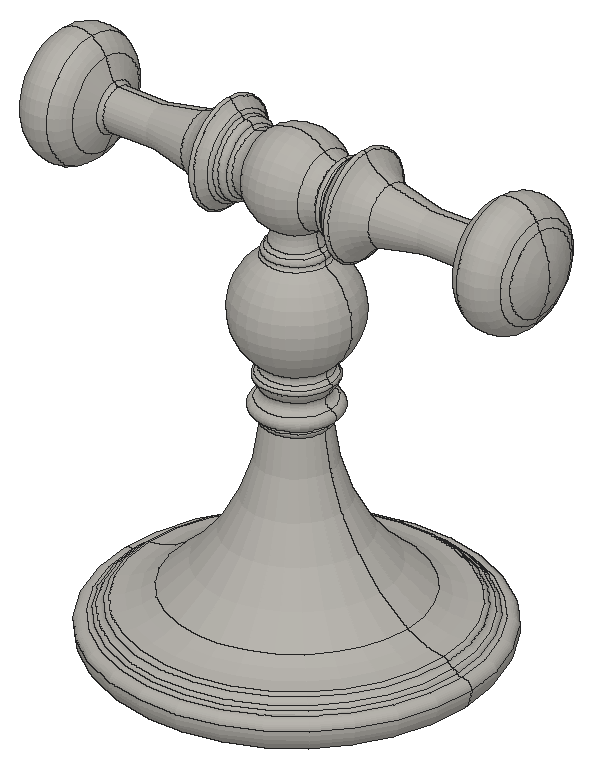
Revit family "Accessory-Robe_Hook-KOHLER-Decorative-K-26525_1", category Specialty Equipment, host Face, Revit 2021
Family settings
  Host = Face
  Round Connector Dimension = Use Diameter
  Part Type = Normal
  OmniClass Number = 23.31.25.27
  OmniClass Title = Robe Hooks
  Cut with Voids When Loaded = No
  Shared = No
  Room Calculation Point = No
Parameters (values of type "BN-Vibrant Brushed Nickel")
  Width = 3 13/32"  # constant formula
  WaterSense Certified = 1 = 0  # no
  URL = "https://www.us.kohler.com/us/"
  Type = 1
  Product Page URL = "http://www.us.kohler.com/us/catalog/productDetails.jsp?productId=26525"
  Product Name = "Decorative"  # constant formula
  Product Documentation Link = "https://www.us.kohler.com/webassets/kpna/catalog/pdf/en/K-26525_spec_US-CA_Kohler_en.pdf"
  Model = if(Type = 1, "K-26525-BN", if(Type = 2, "K-26525-2BZ", if(Type = 3, "K-26525-CP", if(Type = 4, "K-26525-2MB", "NA"))))  # "K-26525-BN"
  Material = "Premium Metal Construction"  # constant formula
  Master Format 2014 Name = "Toilet, Bath, and Laundry Accessories"  # constant formula
  Master Format 2014 = "10 28 00"  # constant formula
  Manufacturer Address = "444 Highland Dr, Kohler, WI 53044"  # constant formula
  Manufacturer = "Kohler Co."  # constant formula
  Length = 3 37/64"  # constant formula
  Height = 2 123/256"  # constant formula
  Finish = Kohler-Metal-BN-Vibrant_Brushed_Nickel
  Environmental Product Declaration = ""
  Description = "Double robe hook"  # constant formula
  Default Elevation = 42"
  Declare Label = ""
  Date Modified = "11/22/2022"  # constant formula
  Date Created = "11/22/2022"  # constant formula
  Copyright = "Copyright Kohler Co."  # constant formula
  Contact Us = "https://www.us.kohler.com/us/static/contact.jsp"
  Assembly Code = "C1030200"
  ADA Compliant = 1 = 0  # no
Types (5): name | Type | Model | Finish
  (no name) | 1 | "K-26525-BN" | Kohler-Metal-BN-Vibrant_Brushed_Nickel
  BN-Vibrant Brushed Nickel | 1 | "K-26525-BN" | Kohler-Metal-BN-Vibrant_Brushed_Nickel
  2BZ-Oil Rubbed Bronze | 2 | "K-26525-2BZ" | Kohler-Metal-2BZ-Oil_Rubbed_Bronze
  CP-Polished Chrome | 3 | "K-26525-CP" | Kohler-Metal-CP-Polished_Chrome
  2MB-Vibrant Brushed Moderne Brass | 4 | "K-26525-2MB" | Kohler-Metal-2MB-Vibrant_Brushed_Moderne_Brass
Reference planes (in)
  plane 1 "Center (Front/Back)": y = 0
  plane 2: z = 0
  plane 3 "Center (Left/Right)": x = 0
  plane 4: z = 3.40625
  plane 5: x = 1.78937
  plane 6: x = -1.78875
  plane 7: x = -1.24016
  plane 8: x = 1.24016
  plane 9: z = 1.70276
  plane 10: x = 1.24016
  plane 11: y = -0.41732
  plane 12: y = 0.41732
  plane 13: y = 1.24016
  plane 14: y = -1.24031
  plane 15: z = 2.98625
  plane 16: z = 2.56626
Dimensions and locks (in)
  "Width": level to plane 4
  "Length": plane 6 to plane 5
  plane 12 to plane 11 = 0.83465"
  plane 6 to plane 5 = 3 37/64"
  plane 4 to level = 3 13/32"
  "Height": plane 13 to plane 14
  aligned and locked: plane 2 to host face
  aligned and locked: level to host face
  aligned and locked: plane 3 "Center (Left/Right)" to nested 1
  aligned and locked: plane 1 "Center (Front/Back)" to nested 1
Automatic sketch dimensions
  host sketch curve to host sketch curve = 96"  (x2)
Nested families (in)
  nested 1: "K-26525" at (0, 0, 0), type "K-26525"
Definition of nested family "K-26525"
  Parameters (values of type "K-26525")
    Material = none
    Default Elevation = 0"
  Reference planes (in)
    plane 1 "Center (Front/Back)": y = 0
    plane 2: z = 0
    plane 3 "Center (Left/Right)": x = 0
    plane 4: x = 1.24016
    plane 5: x = -1.24016
    plane 6: z = 1.70276
    plane 7: z = 3.40551
    plane 8: x = 1.78937
    plane 9: x = -1.78937
    plane 10: y = 0.41732
    plane 11: y = -0.41732
    plane 12: y = 0
    plane 13: y = -1.24016
    plane 14: y = 1.24016
  Forms (in)
    Revolve 1, solid, material <- "Material", detail levels medium+fine
      sketch origin (0, 0, 0) x (1, 0, 0) y (0, 0, 1)
        loop
          line (0.00231, 0) -> (1.06292, 0)
          arc (1.06292, 0) -> (1.18715, 0.05241) -> (1.23629, 0.17797) r 0.17342
          arc (1.23629, 0.17797) -> (1.21281, 0.2244) -> (1.16202, 0.2357) r 0.06083
          arc (1.16202, 0.2357) -> (1.14467, 0.23807) -> (1.13316, 0.25128) r 0.02493
          arc (1.13316, 0.25128) -> (1.12371, 0.26466) -> (1.1089, 0.27168) r 0.03225
          arc (1.1089, 0.27168) -> (1.08495, 0.28228) -> (1.06825, 0.30245) r 0.05713
          arc (1.06825, 0.30245) -> (1.05683, 0.31546) -> (1.04047, 0.32107) r 0.03363
          arc (1.04047, 0.32107) -> (0.9072, 0.34926) -> (0.78673, 0.41285) r 0.49301
          arc (0.78673, 0.41285) -> (0.37879, 0.87142) -> (0.2044, 1.45989) r 1.40956
          arc (0.2044, 1.45989) -> (0.21573, 1.4706) -> (0.21731, 1.48611) r 0.02236
          arc (0.21731, 1.48611) -> (0.22117, 1.50948) -> (0.24112, 1.52226) r 0.02914
          arc (0.24112, 1.52226) -> (0.27908, 1.56388) -> (0.24275, 1.60695) r 0.04272
          arc (0.24275, 1.60695) -> (0.20629, 1.63616) -> (0.21353, 1.68231) r 0.04657
          arc (0.21353, 1.68231) -> (0.23461, 1.71275) -> (0.2509, 1.74599) r 0.24672
          arc (0.2509, 1.74599) -> (0.25105, 1.76125) -> (0.24084, 1.7726) r 0.02105
          arc (0.24084, 1.7726) -> (0.22711, 1.78244) -> (0.21702, 1.79599) r 0.0549
          arc (0.21702, 1.79599) -> (0.21296, 1.82755) -> (0.23061, 1.85402) r 0.04542
          arc (0.23061, 1.85402) -> (0.39429, 2.18591) -> (0.21134, 2.50757) r 0.39488
          arc (0.21134, 2.50757) -> (0.20173, 2.51969) -> (0.20172, 2.53516) r 0.02355
          arc (0.20172, 2.53516) -> (0.20116, 2.55716) -> (0.18627, 2.57338) r 0.03135
          arc (0.18627, 2.57338) -> (0.173, 2.58331) -> (0.16387, 2.59715) r 0.04819
          arc (0.16387, 2.59715) -> (0.15069, 2.70628) -> (0.19945, 2.8048) r 0.1923
          line (0.19945, 2.8048) -> (0.00231, 2.8048) -> (0.00231, 0)
        axis (0.00231, 2.8048) -> (0.00231, 0)
      angle from 0 to 360
    Revolve 2, solid, material <- "Material", detail levels medium+fine
      sketch origin (0, 0, 0) x (1, 0, 0) y (0, 0, 1)
        loop
          arc (-0.46135, 2.65179) -> (-0.43529, 2.6824) -> (-0.40296, 2.7063) r 0.17611
          arc (-0.40296, 2.7063) -> (-0.39086, 2.71687) -> (-0.38368, 2.73124) r 0.04143
          arc (-0.38368, 2.73124) -> (-0.37404, 2.74263) -> (-0.35912, 2.74261) r 0.01772
          arc (-0.35912, 2.74261) -> (-0.33139, 2.74316) -> (-0.31482, 2.7654) r 0.03153
          arc (-0.31482, 2.7654) -> (-0.30646, 2.77907) -> (-0.29112, 2.78369) r 0.02247
          arc (-0.29112, 2.78369) -> (-0.24432, 2.77251) -> (-0.20356, 2.74696) r 0.14852
          arc (-0.20356, 2.74696) -> (-0.00079, 2.66962) -> (0.20291, 2.74446) r 0.30949
          arc (0.20291, 2.74446) -> (0.24387, 2.77043) -> (0.29055, 2.78361) r 0.1678
          arc (0.29055, 2.78361) -> (0.30623, 2.77957) -> (0.31475, 2.76581) r 0.02171
          arc (0.31475, 2.76581) -> (0.33121, 2.74326) -> (0.35912, 2.74261) r 0.03153
          arc (0.35912, 2.74261) -> (0.37404, 2.74263) -> (0.38368, 2.73124) r 0.01772
          arc (0.38368, 2.73124) -> (0.39086, 2.71687) -> (0.40296, 2.7063) r 0.04143
          arc (0.40296, 2.7063) -> (0.43529, 2.6824) -> (0.46135, 2.65179) r 0.17611
          arc (0.46135, 2.65179) -> (0.47648, 2.64419) -> (0.49079, 2.65324) r 0.0172
          arc (0.49079, 2.65324) -> (0.56195, 2.74007) -> (0.66069, 2.79349) r 0.291
          arc (0.66069, 2.79349) -> (0.95648, 2.85301) -> (1.25819, 2.85056) r 1.46274
          arc (1.25819, 2.85056) -> (1.27615, 2.84329) -> (1.2877, 2.82773) r 0.03586
          arc (1.2877, 2.82773) -> (1.31547, 2.75966) -> (1.34621, 2.69288) r 1.66246
          arc (1.34621, 2.69288) -> (1.38801, 2.63418) -> (1.44659, 2.59221) r 0.21914
          arc (1.44659, 2.59221) -> (1.58629, 2.58106) -> (1.69577, 2.66856) r 0.19039
          arc (1.69577, 2.66856) -> (1.70952, 2.69325) -> (1.72269, 2.71825) r 1.21564
          arc (1.72269, 2.71825) -> (1.77126, 2.84841) -> (1.78861, 2.98625) r 0.6003
          line (1.78861, 2.98625) -> (-1.78861, 2.98625)
          arc (-1.78861, 2.98625) -> (-1.77126, 2.84841) -> (-1.72269, 2.71825) r 0.6003
          arc (-1.72269, 2.71825) -> (-1.70952, 2.69325) -> (-1.69577, 2.66856) r 1.21564
          arc (-1.69577, 2.66856) -> (-1.58629, 2.58106) -> (-1.44659, 2.59221) r 0.19039
          arc (-1.44659, 2.59221) -> (-1.38801, 2.63418) -> (-1.34621, 2.69288) r 0.21914
          arc (-1.34621, 2.69288) -> (-1.31547, 2.75966) -> (-1.2877, 2.82773) r 1.66246
          arc (-1.2877, 2.82773) -> (-1.27615, 2.84329) -> (-1.25819, 2.85056) r 0.03586
          arc (-1.25819, 2.85056) -> (-0.95648, 2.85301) -> (-0.66069, 2.79349) r 1.46274
          arc (-0.66069, 2.79349) -> (-0.56195, 2.74007) -> (-0.49079, 2.65324) r 0.291
          arc (-0.49079, 2.65324) -> (-0.47648, 2.64419) -> (-0.46135, 2.65179) r 0.0172
        axis (-1.78861, 2.98625) -> (1.78861, 2.98625)
      angle from 0 to 360
    Revolve 3, solid, material <- "Material", detail levels coarse
      sketch origin (0, 0, 0) x (1, 0, 0) y (0, 0, 1)
        loop
          line (0, 3.12735) -> (-0.13488, 3.12735) -> (-0.13488, 2.5368) -> (-0.41035, 2.5368) -> (-0.41035, 1.82847) -> (-0.21355, 1.82847) -> (-0.21355, 1.1117)
          arc (-0.21355, 1.1117) -> (-0.44417, 0.55492) -> (-1.00095, 0.3243) r 0.7874
          line (-1.00095, 0.3243) -> (-1.24016, 0.3243) -> (-1.24016, 0) -> (0, 0) -> (0, 3.12735)
        axis (0, 3.12735) -> (0, 0)
      angle from 0 to 360
    Revolve 4, solid, material <- "Material", detail levels coarse
      sketch origin (0, 0, 0) x (1, 0, 0) y (0, 0, 1)
        loop
          line (-1.78937, 2.98534) -> (0, 2.98534) -> (1.78937, 2.98534) -> (1.78937, 3.40551) -> (1.24016, 3.40551) -> (1.24016, 3.11777) -> (0.47035, 3.11777) -> (0.47035, 3.33844) -> (0, 3.33844) -> (-0.47035, 3.33844) -> (-0.47035, 3.11777) -> (-1.24016, 3.11777) -> (-1.24016, 3.40551) -> (-1.78937, 3.40551) -> (-1.78937, 2.98534)
        axis (1.78937, 2.98534) -> (-1.78937, 2.98534)
      angle from 0 to 360
  Lines and regions (in)
    Masking region 1
      outline origin (0, 0, 0) x (1, 0, 0) y (0, 0, 1)
        loop
          line (0, 0) -> (1.06292, 0)
          arc (1.06292, 0) -> (1.18715, 0.05241) -> (1.23629, 0.17797) r 0.17342
          arc (1.23629, 0.17797) -> (1.21281, 0.2244) -> (1.16202, 0.2357) r 0.06083
          arc (1.16202, 0.2357) -> (1.14467, 0.23807) -> (1.13316, 0.25128) r 0.02493
          arc (1.13316, 0.25128) -> (1.12371, 0.26466) -> (1.1089, 0.27168) r 0.03225
          arc (1.1089, 0.27168) -> (1.08466, 0.2825) -> (1.06793, 0.30311) r 0.05713
          arc (1.06793, 0.30311) -> (1.05681, 0.31585) -> (1.04072, 0.32105) r 0.03168
          arc (1.04072, 0.32105) -> (0.90713, 0.34664) -> (0.78666, 0.40979) r 0.465
          arc (0.78666, 0.40979) -> (0.37873, 0.87146) -> (0.20338, 1.46205) r 1.42732
          arc (0.20338, 1.46205) -> (0.216, 1.47496) -> (0.21799, 1.49291) r 0.02772
          arc (0.21799, 1.49291) -> (0.22191, 1.51213) -> (0.23888, 1.52197) r 0.02395
          arc (0.23888, 1.52197) -> (0.2696, 1.53784) -> (0.28136, 1.57036) r 0.04739
          arc (0.28136, 1.57036) -> (0.27138, 1.5946) -> (0.24781, 1.60606) r 0.03681
          arc (0.24781, 1.60606) -> (0.20773, 1.63349) -> (0.21035, 1.68199) r 0.04955
          arc (0.21035, 1.68199) -> (0.22814, 1.70945) -> (0.2464, 1.73659) r 1.87599
          arc (0.2464, 1.73659) -> (0.25042, 1.75901) -> (0.2363, 1.77686) r 0.02771
          arc (0.2363, 1.77686) -> (0.21189, 1.81386) -> (0.23061, 1.85402) r 0.04542
          arc (0.23061, 1.85402) -> (0.39429, 2.18591) -> (0.21134, 2.50757) r 0.39488
          arc (0.21134, 2.50757) -> (0.20173, 2.51969) -> (0.20172, 2.53516) r 0.02355
          arc (0.20172, 2.53516) -> (0.20116, 2.55716) -> (0.18627, 2.57338) r 0.03135
          arc (0.18627, 2.57338) -> (0.173, 2.58331) -> (0.16387, 2.59715) r 0.04819
          arc (0.16387, 2.59715) -> (0.15288, 2.63898) -> (0.155, 2.68219) r 0.14187
          arc (0.155, 2.68219) -> (0.17227, 2.72034) -> (0.2043, 2.74733) r 0.09476
          arc (0.2043, 2.74733) -> (0.25272, 2.77216) -> (0.30649, 2.78053) r 0.17106
          arc (0.30649, 2.78053) -> (0.31214, 2.75512) -> (0.33409, 2.74111) r 0.03407
          arc (0.33409, 2.74111) -> (0.35183, 2.73967) -> (0.36952, 2.7416) r 0.09406
          arc (0.36952, 2.7416) -> (0.38062, 2.72318) -> (0.39761, 2.71) r 0.05867
          arc (0.39761, 2.71) -> (0.44462, 2.6736) -> (0.47545, 2.62276) r 0.16301
          arc (0.47545, 2.62276) -> (0.56902, 2.74164) -> (0.70604, 2.80578) r 0.32757
          arc (0.70604, 2.80578) -> (0.97004, 2.84528) -> (1.23682, 2.85481) r 2.36884
          arc (1.23682, 2.85481) -> (1.26777, 2.84414) -> (1.28668, 2.81742) r 0.05342
          spline (1.28668, 2.81742) -> (1.35747, 2.66849) -> (1.46247, 2.58351) -> (1.58047, 2.57964) -> (1.68763, 2.65766) -> (1.76229, 2.8018) -> (1.78937, 2.98296) -> (1.7634, 3.16451) -> (1.68962, 3.30979) -> (1.58295, 3.38943) -> (1.46493, 3.38735) -> (1.35941, 3.30397) -> (1.28771, 3.15613)
          arc (1.28771, 3.15613) -> (1.26828, 3.12876) -> (1.23682, 3.1177) r 0.05342
          arc (1.23682, 3.1177) -> (0.97004, 3.12723) -> (0.70604, 3.16672) r 2.36884
          arc (0.70604, 3.16672) -> (0.56902, 3.23087) -> (0.47545, 3.34974) r 0.32757
          arc (0.47545, 3.34974) -> (0.44462, 3.29891) -> (0.39761, 3.26251) r 0.16301
          arc (0.39761, 3.26251) -> (0.38062, 3.24933) -> (0.36952, 3.23091) r 0.05867
          arc (0.36952, 3.23091) -> (0.35183, 3.23284) -> (0.33409, 3.2314) r 0.09406
          arc (0.33409, 3.2314) -> (0.31214, 3.21739) -> (0.30649, 3.19198) r 0.03407
          arc (0.30649, 3.19198) -> (0.256, 3.19831) -> (0.21137, 3.22278) r 0.13591
          arc (0.21137, 3.22278) -> (0.11231, 3.27943) -> (0, 3.29974) r 0.33667
          arc (0, 3.29974) -> (-0.11231, 3.27943) -> (-0.21137, 3.22278) r 0.33667
          arc (-0.21137, 3.22278) -> (-0.256, 3.19831) -> (-0.30649, 3.19198) r 0.13591
          arc (-0.30649, 3.19198) -> (-0.31214, 3.21739) -> (-0.33409, 3.2314) r 0.03407
          arc (-0.33409, 3.2314) -> (-0.35183, 3.23284) -> (-0.36952, 3.23091) r 0.09406
          arc (-0.36952, 3.23091) -> (-0.38062, 3.24933) -> (-0.39761, 3.26251) r 0.05867
          arc (-0.39761, 3.26251) -> (-0.44462, 3.29891) -> (-0.47545, 3.34974) r 0.16301
          arc (-0.47545, 3.34974) -> (-0.56902, 3.23087) -> (-0.70604, 3.16672) r 0.32757
          arc (-0.70604, 3.16672) -> (-0.97053, 3.12719) -> (-1.23779, 3.11772) r 2.36884
          arc (-1.23779, 3.11772) -> (-1.26852, 3.12854) -> (-1.28682, 3.1555) r 0.05214
          spline (-1.28682, 3.1555) -> (-1.3586, 3.30396) -> (-1.46444, 3.38761) -> (-1.58282, 3.38944) -> (-1.68968, 3.30908) -> (-1.76329, 3.16287) -> (-1.7887, 2.98054) -> (-1.76073, 2.79913) -> (-1.68507, 2.65554) -> (-1.5771, 2.57896) -> (-1.45878, 2.58494) -> (-1.35414, 2.67228) -> (-1.28448, 2.82322)
          arc (-1.28448, 2.82322) -> (-1.26523, 2.84593) -> (-1.23682, 2.85481) r 0.05342
          arc (-1.23682, 2.85481) -> (-0.97004, 2.84528) -> (-0.70604, 2.80578) r 2.36884
          arc (-0.70604, 2.80578) -> (-0.56902, 2.74164) -> (-0.47545, 2.62276) r 0.32757
          arc (-0.47545, 2.62276) -> (-0.44462, 2.6736) -> (-0.39761, 2.71) r 0.16301
          arc (-0.39761, 2.71) -> (-0.38062, 2.72318) -> (-0.36952, 2.7416) r 0.05867
          arc (-0.36952, 2.7416) -> (-0.35183, 2.73967) -> (-0.33409, 2.74111) r 0.09406
          arc (-0.33409, 2.74111) -> (-0.31214, 2.75512) -> (-0.30649, 2.78053) r 0.03407
          arc (-0.30649, 2.78053) -> (-0.25272, 2.77216) -> (-0.2043, 2.74733) r 0.17106
          arc (-0.2043, 2.74733) -> (-0.17227, 2.72034) -> (-0.155, 2.68219) r 0.09476
          arc (-0.155, 2.68219) -> (-0.15288, 2.63898) -> (-0.16387, 2.59715) r 0.14187
          arc (-0.16387, 2.59715) -> (-0.173, 2.58331) -> (-0.18627, 2.57338) r 0.04819
          arc (-0.18627, 2.57338) -> (-0.20116, 2.55716) -> (-0.20172, 2.53516) r 0.03135
          arc (-0.20172, 2.53516) -> (-0.20173, 2.51969) -> (-0.21134, 2.50757) r 0.02355
          arc (-0.21134, 2.50757) -> (-0.39429, 2.18591) -> (-0.23061, 1.85402) r 0.39488
          arc (-0.23061, 1.85402) -> (-0.21189, 1.81386) -> (-0.2363, 1.77686) r 0.04542
          arc (-0.2363, 1.77686) -> (-0.25042, 1.75901) -> (-0.2464, 1.73659) r 0.02771
          arc (-0.2464, 1.73659) -> (-0.22814, 1.70945) -> (-0.21035, 1.68199) r 1.87599
          arc (-0.21035, 1.68199) -> (-0.20773, 1.63349) -> (-0.24781, 1.60606) r 0.04955
          arc (-0.24781, 1.60606) -> (-0.27138, 1.5946) -> (-0.28136, 1.57036) r 0.03681
          arc (-0.28136, 1.57036) -> (-0.2696, 1.53784) -> (-0.23888, 1.52197) r 0.04739
          arc (-0.23888, 1.52197) -> (-0.22191, 1.51213) -> (-0.21799, 1.49291) r 0.02395
          arc (-0.21799, 1.49291) -> (-0.216, 1.47496) -> (-0.20338, 1.46205) r 0.02772
          arc (-0.20338, 1.46205) -> (-0.37873, 0.87146) -> (-0.78666, 0.40979) r 1.42732
          arc (-0.78666, 0.40979) -> (-0.90713, 0.34664) -> (-1.04072, 0.32105) r 0.465
          arc (-1.04072, 0.32105) -> (-1.05681, 0.31585) -> (-1.06793, 0.30311) r 0.03168
          arc (-1.06793, 0.30311) -> (-1.08466, 0.2825) -> (-1.1089, 0.27168) r 0.05713
          arc (-1.1089, 0.27168) -> (-1.12371, 0.26466) -> (-1.13316, 0.25128) r 0.03225
          arc (-1.13316, 0.25128) -> (-1.14467, 0.23807) -> (-1.16202, 0.2357) r 0.02493
          arc (-1.16202, 0.2357) -> (-1.21281, 0.2244) -> (-1.23629, 0.17797) r 0.06083
          arc (-1.23629, 0.17797) -> (-1.18715, 0.05241) -> (-1.06292, 0) r 0.17342
          line (-1.06292, 0) -> (0, 0)
    Masking region 2
      outline origin (0, 0, 0) x (0, 1, 0) y (0, 0, 1)
        loop
          line (0, 0) -> (1.03551, 0)
          arc (1.03551, 0) -> (1.16278, 0.04432) -> (1.235, 0.15811) r 0.20491
          arc (1.235, 0.15811) -> (1.22179, 0.21436) -> (1.16899, 0.23782) r 0.06494
          arc (1.16899, 0.23782) -> (1.14555, 0.24301) -> (1.1278, 0.25916) r 0.0466
          arc (1.1278, 0.25916) -> (1.11551, 0.27058) -> (1.09925, 0.27471) r 0.03388
          arc (1.09925, 0.27471) -> (1.08287, 0.27987) -> (1.07245, 0.29353) r 0.0284
          arc (1.07245, 0.29353) -> (1.0621, 0.30987) -> (1.04576, 0.32023) r 0.04417
          arc (1.04576, 0.32023) -> (0.92283, 0.34178) -> (0.81071, 0.3966) r 0.44542
          arc (0.81071, 0.3966) -> (0.38799, 0.85001) -> (0.20473, 1.4422) r 1.38844
          arc (0.20473, 1.4422) -> (0.20763, 1.4589) -> (0.21808, 1.47224) r 0.03471
          line (0.21808, 1.47224) -> (0.21808, 1.50336)
          arc (0.21808, 1.50336) -> (0.2241, 1.51835) -> (0.23882, 1.52501) r 0.02167
          arc (0.23882, 1.52501) -> (0.26961, 1.53938) -> (0.28116, 1.57133) r 0.0443
          arc (0.28116, 1.57133) -> (0.26775, 1.59797) -> (0.23895, 1.60576) r 0.03658
          arc (0.23895, 1.60576) -> (0.22909, 1.62087) -> (0.21167, 1.62558) r 0.02535
          arc (0.21167, 1.62558) -> (0.20362, 1.66037) -> (0.21759, 1.69323) r 0.0577
          arc (0.21759, 1.69323) -> (0.23795, 1.72135) -> (0.25298, 1.75266) r 0.19407
          arc (0.25298, 1.75266) -> (0.25104, 1.76745) -> (0.2377, 1.77412) r 0.0159
          arc (0.2377, 1.77412) -> (0.21414, 1.812) -> (0.23313, 1.85236) r 0.04668
          arc (0.23313, 1.85236) -> (0.3945, 2.19786) -> (0.19042, 2.51998) r 0.39707
          arc (0.19042, 2.51998) -> (0.20216, 2.55543) -> (0.17384, 2.57977) r 0.03354
          arc (0.17384, 2.57977) -> (0.16196, 2.59135) -> (0.17006, 2.60583) r 0.01364
          arc (0.17006, 2.60583) -> (0.41261, 3.07533) -> (0, 3.40551) r 0.41693
          arc (0, 3.40551) -> (-0.41261, 3.07533) -> (-0.17006, 2.60583) r 0.41693
          arc (-0.17006, 2.60583) -> (-0.16196, 2.59135) -> (-0.17384, 2.57977) r 0.01364
          arc (-0.17384, 2.57977) -> (-0.20216, 2.55543) -> (-0.19042, 2.51998) r 0.03354
          arc (-0.19042, 2.51998) -> (-0.3945, 2.19786) -> (-0.23313, 1.85236) r 0.39707
          arc (-0.23313, 1.85236) -> (-0.21414, 1.812) -> (-0.2377, 1.77412) r 0.04668
          arc (-0.2377, 1.77412) -> (-0.25104, 1.76745) -> (-0.25298, 1.75266) r 0.0159
          arc (-0.25298, 1.75266) -> (-0.23795, 1.72135) -> (-0.21759, 1.69323) r 0.19407
          arc (-0.21759, 1.69323) -> (-0.20362, 1.66037) -> (-0.21167, 1.62558) r 0.0577
          arc (-0.21167, 1.62558) -> (-0.22909, 1.62087) -> (-0.23895, 1.60576) r 0.02535
          arc (-0.23895, 1.60576) -> (-0.26775, 1.59797) -> (-0.28116, 1.57133) r 0.03658
          arc (-0.28116, 1.57133) -> (-0.26961, 1.53938) -> (-0.23882, 1.52501) r 0.0443
          arc (-0.23882, 1.52501) -> (-0.2241, 1.51835) -> (-0.21808, 1.50336) r 0.02167
          line (-0.21808, 1.50336) -> (-0.21808, 1.47224)
          arc (-0.21808, 1.47224) -> (-0.20763, 1.4589) -> (-0.20473, 1.4422) r 0.03471
          arc (-0.20473, 1.4422) -> (-0.38799, 0.85001) -> (-0.81071, 0.3966) r 1.38844
          arc (-0.81071, 0.3966) -> (-0.92283, 0.34178) -> (-1.04576, 0.32023) r 0.44542
          arc (-1.04576, 0.32023) -> (-1.0621, 0.30987) -> (-1.07245, 0.29353) r 0.04417
          arc (-1.07245, 0.29353) -> (-1.08287, 0.27987) -> (-1.09925, 0.27471) r 0.0284
          arc (-1.09925, 0.27471) -> (-1.11551, 0.27058) -> (-1.1278, 0.25916) r 0.03388
          arc (-1.1278, 0.25916) -> (-1.14555, 0.24301) -> (-1.16899, 0.23782) r 0.0466
          arc (-1.16899, 0.23782) -> (-1.22179, 0.21436) -> (-1.235, 0.15811) r 0.06494
          arc (-1.235, 0.15811) -> (-1.16278, 0.04432) -> (-1.03551, 0) r 0.20491
          line (-1.03551, 0) -> (0, 0)
    Masking region 3
      outline origin (0, 0, 0) x (1, 0, 0) y (0, 1, 0)
        loop
          arc (-1.28805, -0.1653) -> (-1.26715, -0.13782) -> (-1.23312, -0.13196) r 0.04713
          arc (-1.23312, -0.13196) -> (0, -1.24016) -> (1.23312, -0.13196) r 1.24016
          arc (1.23312, -0.13196) -> (1.26715, -0.13782) -> (1.28805, -0.1653) r 0.04713
          spline (1.28805, -0.1653) -> (1.3185, -0.2478) -> (1.35922, -0.31722) -> (1.4082, -0.37017) -> (1.46305, -0.40404) -> (1.52109, -0.41718) -> (1.57945, -0.40894) -> (1.63528, -0.37973) -> (1.68584, -0.33098) -> (1.72865, -0.26507) -> (1.76161, -0.18525) -> (1.78311, -0.09542) -> (1.79209, 0)
          spline (1.79209, 0) -> (1.78311, 0.09542) -> (1.76161, 0.18525) -> (1.72865, 0.26507) -> (1.68584, 0.33098) -> (1.63528, 0.37973) -> (1.57945, 0.40894) -> (1.52109, 0.41718) -> (1.46305, 0.40404) -> (1.4082, 0.37017) -> (1.35922, 0.31722) -> (1.3185, 0.2478) -> (1.28805, 0.1653)
          arc (1.28805, 0.1653) -> (1.26715, 0.13782) -> (1.23312, 0.13196) r 0.04713
          arc (1.23312, 0.13196) -> (0, 1.24016) -> (-1.23312, 0.13196) r 1.24016
          arc (-1.23312, 0.13196) -> (-1.26715, 0.13782) -> (-1.28805, 0.1653) r 0.04713
          spline (-1.28805, 0.1653) -> (-1.3185, 0.2478) -> (-1.35922, 0.31722) -> (-1.4082, 0.37017) -> (-1.46305, 0.40404) -> (-1.52109, 0.41718) -> (-1.57945, 0.40894) -> (-1.63528, 0.37973) -> (-1.68584, 0.33098) -> (-1.72865, 0.26507) -> (-1.76161, 0.18525) -> (-1.78311, 0.09542) -> (-1.79209, 0)
          spline (-1.79209, 0) -> (-1.78311, -0.09542) -> (-1.76161, -0.18525) -> (-1.72865, -0.26507) -> (-1.68584, -0.33098) -> (-1.63528, -0.37973) -> (-1.57945, -0.40894) -> (-1.52109, -0.41718) -> (-1.46305, -0.40404) -> (-1.4082, -0.37017) -> (-1.35922, -0.31722) -> (-1.3185, -0.2478) -> (-1.28805, -0.1653)
    symbolic lines, detail levels medium+fine
      curve 1: line (-1.21617, 0, 3.11785) -> (-1.21617, 0, 2.85465)
      curve 2: line (-1.28792, 0, 3.15897) -> (-1.28792, 0, 2.81172)
      curve 3: line (-0.48201, 0, 3.33697) -> (-0.48201, 0, 2.63554)
      curve 4: line (-0.47035, 0, 3.33844) -> (-0.47035, 0, 2.63406)
      curve 5: line (-0.39205, 0, 3.25872) -> (-0.39205, 0, 2.71379)
      curve 6: line (-0.37074, 0, 3.23324) -> (-0.37074, 0, 2.73927)
      curve 7: line (-0.31108, 0, 3.21535) -> (-0.31108, 0, 2.75716)
      curve 8: line (-0.3074, 0, 3.20667) -> (-0.3074, 0, 2.76584)
      curve 9: line (-0.18574, 0, 3.24171) -> (-0.18574, 0, 2.72945)
      curve 10: line (1.21617, 0, 3.11785) -> (1.21617, 0, 2.85465)
      curve 11: line (1.28792, 0, 3.15897) -> (1.28792, 0, 2.81172)
      curve 12: line (0.48201, 0, 3.33697) -> (0.48201, 0, 2.63554)
      curve 13: line (0.47035, 0, 3.33844) -> (0.47035, 0, 2.63406)
      curve 14: line (0.39205, 0, 3.25872) -> (0.39205, 0, 2.71379)
      curve 15: line (0.37074, 0, 3.23324) -> (0.37074, 0, 2.73927)
      curve 16: line (0.31108, 0, 3.21535) -> (0.31108, 0, 2.75716)
      curve 17: line (0.3074, 0, 3.20667) -> (0.3074, 0, 2.76584)
      curve 18: line (0.18574, 0, 3.24171) -> (0.18574, 0, 2.72945)
      curve 19: line (-1.23628, 0, 0.17804) -> (1.23628, 0, 0.17804)
      curve 20: line (-1.23463, 0, 0.18875) -> (1.23463, 0, 0.18875)
      curve 21: line (-1.18961, 0, 0.23526) -> (1.1548, 0, 0.23526)
      curve 22: line (-1.13393, 0, 0.24979) -> (1.13393, 0, 0.24979)
      curve 23: line (-1.09563, 0, 0.27597) -> (1.09563, 0, 0.27597)
      curve 24: line (-1.06165, 0, 0.31166) -> (1.06165, 0, 0.31166)
      curve 25: line (-1.0055, 0, 0.3243) -> (1.0055, 0, 0.3243)
      curve 26: line (-0.20338, 0, 1.46205) -> (0.20338, 0, 1.46205)
      curve 27: line (-0.21355, 0, 1.47099) -> (0.21355, 0, 1.47099)
      curve 28: line (0.22032, 0, 1.50954) -> (-0.22032, 0, 1.50954)
      curve 29: line (0.22764, 0, 1.5177) -> (-0.22764, 0, 1.5177)
      curve 30: line (-0.25764, 0, 1.60366) -> (0.25764, 0, 1.60366)
      curve 31: line (-0.23567, 0, 1.60872) -> (0.23566, 0, 1.60872)
      curve 32: line (-0.21511, 0, 1.62262) -> (0.21511, 0, 1.62262)
      curve 33: line (0.2135, 0, 1.82847) -> (-0.2135, 0, 1.82847)
      curve 34: line (-0.21806, 0, 1.83961) -> (0.21806, 0, 1.83961)
      curve 35: line (-0.20255, 0, 2.51799) -> (0.20255, 0, 2.51799)
      curve 36: line (-0.20239, 0, 2.53823) -> (0.20239, 0, 2.53823)
      curve 37: line (-0.2032, 0, 2.54672) -> (0.2032, 0, 2.54672)
      curve 38: line (-0.18494, 0, 2.57426) -> (0.18494, 0, 2.57426)
      curve 39: line (-0.17194, 0, 2.5849) -> (0.17194, 0, 2.5849)
      curve 40: line (-0.18574, 0, 2.72945) -> (0.18574, 0, 2.72945)
      curve 41: line (0, 1.23613, 0.17801) -> (0, -1.23613, 0.17801)
      curve 42: line (0, 1.23465, 0.18874) -> (0, -1.23465, 0.18874)
      curve 43: line (0, 1.17749, 0.23721) -> (0, -1.1775, 0.23721)
      curve 44: line (0, 1.12714, 0.25996) -> (0, -1.12714, 0.25996)
      curve 45: line (0, 1.09159, 0.27583) -> (0, -1.09159, 0.27583)
      curve 46: line (0, 1.05989, 0.31165) -> (0, -1.05989, 0.31165)
      curve 47: line (0, 0.99996, 0.3243) -> (0, -0.99996, 0.3243)
      curve 48: line (0, 0.20952, 1.46205) -> (0, -0.20952, 1.46205)
      curve 49: line (0, 0.21664, 1.4708) -> (0, -0.21664, 1.4708)
      curve 50: line (0, 0.21906, 1.50952) -> (0, -0.21906, 1.50952)
      curve 51: line (0, 0.22361, 1.51769) -> (0, -0.22362, 1.51769)
      curve 52: line (0, 0.25744, 1.60374) -> (0, -0.25744, 1.60374)
      curve 53: line (0, 0.23785, 1.60893) -> (0, -0.23785, 1.60893)
      curve 54: line (0, 0.20443, 1.66439) -> (0, -0.20443, 1.66439)
      curve 55: line (0, 0.25248, 1.76479) -> (0, -0.25248, 1.76479)
      curve 56: line (0, 0.24801, 1.77058) -> (0, -0.24801, 1.77058)
      curve 57: line (0, 0.21473, 1.82093) -> (0, -0.21473, 1.82093)
      curve 58: line (0, 0.22171, 1.83967) -> (0, -0.22171, 1.83967)
      curve 59: line (0, 0.19365, 2.518) -> (0, -0.19365, 2.518)
      curve 60: line (0, 0.20219, 2.5382) -> (0, -0.20219, 2.5382)
      curve 61: line (0, 0.20329, 2.54676) -> (0, -0.20329, 2.54676)
      curve 62: arc (-1.23479, 0.13164, 0) -> (-0.97729, 0.13183, 0) -> (-0.72367, 0.17636, 0) r 1.48952
      curve 63: arc (-0.46818, 0.34378, 0) -> (-0.43688, 0.30497, 0) -> (-0.39586, 0.27665, 0) r 0.17379
      curve 64: arc (-0.72367, 0.17636, 0) -> (-0.62424, 0.21449, 0) -> (-0.53503, 0.27264, 0) r 0.50421
      curve 65: arc (-0.53503, 0.27264, 0) -> (-0.50587, 0.30373, 0) -> (-0.48597, 0.34143, 0) r 0.15973
      curve 66: arc (-0.48597, 0.34143, 0) -> (-0.47778, 0.34798, 0) -> (-0.46818, 0.34378, 0) r 0.01013
      curve 67: arc (-0.39586, 0.27665, 0) -> (-0.38697, 0.26815, 0) -> (-0.38451, 0.25609, 0) r 0.02061
      curve 68: arc (-0.38451, 0.25609, 0) -> (-0.37911, 0.24405, 0) -> (-0.36598, 0.24268, 0) r 0.01321
      curve 69: arc (-0.36598, 0.24268, 0) -> (-0.33322, 0.24181, 0) -> (-0.31333, 0.21576, 0) r 0.03799
      curve 70: arc (-0.31333, 0.21576, 0) -> (-0.30744, 0.20714, 0) -> (-0.29718, 0.2052, 0) r 0.01364
      curve 71: arc (-0.29718, 0.2052, 0) -> (-0.24587, 0.22023, 0) -> (-0.19755, 0.2431, 0) r 0.3405
      curve 72: arc (-0.19755, 0.2431, 0) -> (-0.10222, 0.28246, 0) -> (0, 0.29618, 0) r 0.40058
      curve 73: arc (-1.23479, -0.13164, 0) -> (-0.97729, -0.13183, 0) -> (-0.72367, -0.17636, 0) r 1.48952
      curve 74: arc (-0.46818, -0.34378, 0) -> (-0.43688, -0.30497, 0) -> (-0.39586, -0.27665, 0) r 0.17379
      curve 75: arc (-0.72367, -0.17636, 0) -> (-0.62424, -0.21449, 0) -> (-0.53503, -0.27264, 0) r 0.50421
      curve 76: arc (-0.53503, -0.27264, 0) -> (-0.50587, -0.30373, 0) -> (-0.48597, -0.34143, 0) r 0.15973
      curve 77: arc (-0.29718, -0.2052, 0) -> (-0.24587, -0.22023, 0) -> (-0.19755, -0.2431, 0) r 0.3405
      curve 78: arc (-0.19755, -0.2431, 0) -> (-0.10222, -0.28246, 0) -> (0, -0.29618, 0) r 0.40058
      curve 79: arc (-0.48597, -0.34143, 0) -> (-0.47778, -0.34798, 0) -> (-0.46818, -0.34378, 0) r 0.01013
      curve 80: arc (-0.39586, -0.27665, 0) -> (-0.38697, -0.26815, 0) -> (-0.38451, -0.25609, 0) r 0.02061
      curve 81: arc (-0.36598, -0.24268, 0) -> (-0.33322, -0.24181, 0) -> (-0.31333, -0.21576, 0) r 0.03799
      curve 82: arc (-0.31333, -0.21576, 0) -> (-0.30744, -0.20714, 0) -> (-0.29718, -0.2052, 0) r 0.01364
      curve 83: arc (-0.38451, -0.25609, 0) -> (-0.37911, -0.24405, 0) -> (-0.36598, -0.24268, 0) r 0.01321
      curve 84: arc (1.23479, 0.13164, 0) -> (0.97729, 0.13183, 0) -> (0.72367, 0.17636, 0) r 1.48952
      curve 85: arc (0.46818, 0.34378, 0) -> (0.43688, 0.30497, 0) -> (0.39586, 0.27665, 0) r 0.17379
      curve 86: arc (0.72367, 0.17636, 0) -> (0.62424, 0.21449, 0) -> (0.53503, 0.27264, 0) r 0.50421
      curve 87: arc (0.53503, 0.27264, 0) -> (0.50587, 0.30373, 0) -> (0.48597, 0.34143, 0) r 0.15973
      curve 88: arc (0.36598, 0.24268, 0) -> (0.33322, 0.24181, 0) -> (0.31333, 0.21576, 0) r 0.03799
      curve 89: arc (0.29718, 0.2052, 0) -> (0.24587, 0.22023, 0) -> (0.19755, 0.2431, 0) r 0.3405
      curve 90: arc (0.19755, 0.2431, 0) -> (0.10222, 0.28246, 0) -> (0, 0.29618, 0) r 0.40058
      curve 91: arc (1.23317, -0.1315, 0) -> (0.97648, -0.1319, 0) -> (0.72367, -0.17636, 0) r 1.48952
      curve 92: arc (0.46818, -0.34378, 0) -> (0.43688, -0.30497, 0) -> (0.39586, -0.27665, 0) r 0.17379
      curve 93: arc (0.72367, -0.17636, 0) -> (0.62424, -0.21449, 0) -> (0.53503, -0.27264, 0) r 0.50421
      curve 94: arc (0.53503, -0.27264, 0) -> (0.50587, -0.30373, 0) -> (0.48597, -0.34143, 0) r 0.15973
      curve 95: arc (0.29718, -0.2052, 0) -> (0.24587, -0.22023, 0) -> (0.19755, -0.2431, 0) r 0.3405
      curve 96: arc (0.19755, -0.2431, 0) -> (0.10222, -0.28246, 0) -> (0, -0.29618, 0) r 0.40058
      curve 97: arc (0.36598, -0.24268, 0) -> (0.33322, -0.24181, 0) -> (0.31333, -0.21576, 0) r 0.03799
      curve 98: arc (0.48597, 0.34143, 0) -> (0.47778, 0.34798, 0) -> (0.46818, 0.34378, 0) r 0.01013
      curve 99: arc (0.31333, 0.21576, 0) -> (0.30744, 0.20714, 0) -> (0.29718, 0.2052, 0) r 0.01364
      curve 100: arc (0.39586, 0.27665, 0) -> (0.38697, 0.26815, 0) -> (0.38451, 0.25609, 0) r 0.02061
      curve 101: arc (0.38451, 0.25609, 0) -> (0.37911, 0.24405, 0) -> (0.36598, 0.24268, 0) r 0.01321
      curve 102: arc (0.48597, -0.34143, 0) -> (0.47778, -0.34798, 0) -> (0.46818, -0.34378, 0) r 0.01013
      curve 103: arc (0.39586, -0.27665, 0) -> (0.38697, -0.26815, 0) -> (0.38451, -0.25609, 0) r 0.02061
      curve 104: arc (0.38451, -0.25609, 0) -> (0.37911, -0.24405, 0) -> (0.36598, -0.24268, 0) r 0.01321
      curve 105: arc (0.31333, -0.21576, 0) -> (0.30744, -0.20714, 0) -> (0.29718, -0.2052, 0) r 0.01364
      curve 106: line (-0.48205, 0.34638, 0) -> (-0.48205, -0.34638, 0)
      curve 107: line (-0.47036, 0.34525, 0) -> (-0.47036, -0.34525, 0)
      curve 108: line (-0.39206, 0.27422, 0) -> (-0.39206, -0.27422, 0)
      curve 109: line (-0.38237, 0.24745, 0) -> (-0.38237, -0.24745, 0)
      curve 110: line (-0.31631, 0.2245, 0) -> (-0.31631, -0.2245, 0)
      curve 111: line (-0.31402, 0.21727, 0) -> (-0.31402, -0.21727, 0)
      curve 112: line (-0.21365, 0.23443, 0) -> (-0.21365, -0.23443, 0)
      curve 113: line (0.48205, 0.34638, 0) -> (0.48205, -0.34638, 0)
      curve 114: line (0.47036, 0.34525, 0) -> (0.47036, -0.34525, 0)
      curve 115: line (0.39206, 0.27422, 0) -> (0.39206, -0.27422, 0)
      curve 116: line (0.38237, 0.24745, 0) -> (0.38237, -0.24745, 0)
      curve 117: line (0.31631, 0.2245, 0) -> (0.31631, -0.2245, 0)
      curve 118: line (0.31402, 0.21727, 0) -> (0.31402, -0.21727, 0)
      curve 119: line (0.21365, 0.23443, 0) -> (0.21365, -0.23443, 0)
      curve 120: arc (0.31971, 0.23021, 0) -> (0.17998, 0.35182, 0) -> (0, 0.39564, 0) r 0.39173
      curve 121: arc (-0.31971, 0.23021, 0) -> (-0.17998, 0.35182, 0) -> (0, 0.39564, 0) r 0.39173
      curve 122: arc (0.31971, -0.23021, 0) -> (0.17998, -0.35182, 0) -> (0, -0.39564, 0) r 0.39173
      curve 123: arc (-0.31971, -0.23021, 0) -> (-0.17998, -0.35182, 0) -> (0, -0.39564, 0) r 0.39173
      curve 124: arc (1.12858, 0.12632, 0) -> (0, 1.13562, 0) -> (-1.12858, 0.12632, 0) r 1.13562
      curve 125: arc (1.09301, 0.12623, 0) -> (0, 1.10028, 0) -> (-1.09301, 0.12623, 0) r 1.10028
      curve 126: arc (1.06423, 0.12678, 0) -> (0, 1.07175, 0) -> (-1.06423, 0.12678, 0) r 1.07175
      curve 127: arc (1.04242, 0.12757, 0) -> (0, 1.05019, 0) -> (-1.04242, 0.12757, 0) r 1.05019
      curve 128: arc (1.05423, 0.1271, 0) -> (0, 1.06186, 0) -> (-1.05423, 0.1271, 0) r 1.06186
      curve 129: arc (1.12858, -0.12632, 0) -> (0, -1.13562, 0) -> (-1.12858, -0.12632, 0) r 1.13562
      curve 130: arc (1.09301, -0.12623, 0) -> (0, -1.10028, 0) -> (-1.09301, -0.12623, 0) r 1.10028
      curve 131: arc (1.06423, -0.12678, 0) -> (0, -1.07175, 0) -> (-1.06423, -0.12678, 0) r 1.07175
      curve 132: arc (1.04242, -0.12757, 0) -> (0, -1.05019, 0) -> (-1.04242, -0.12757, 0) r 1.05019
      curve 133: arc (1.05423, -0.1271, 0) -> (0, -1.06186, 0) -> (-1.05423, -0.1271, 0) r 1.06186
      curve 134: line (-1.26787, 0.13826, 0) -> (-1.26787, -0.13826, 0)
      curve 135: line (-1.2175, -0.13026, 0) -> (-1.2175, 0.13026, 0)
      curve 136: line (1.26787, 0.13826, 0) -> (1.26787, -0.13826, 0)
      curve 137: line (1.2175, -0.13026, 0) -> (1.2175, 0.13026, 0)
      curve 138: arc (0, 0.17006, 2.60583) -> (0, 0, 2.57036) -> (0, -0.17006, 2.60583) r 0.4254
  Dimensions and locks (in)
    plane 7 to level = 3.40551"
    plane 4 to plane 5 = 2.48031"
    plane 11 to plane 10 = 0.83465"
    plane 9 to plane 8 = 3.57874"
    aligned and locked: plane 2 to level
